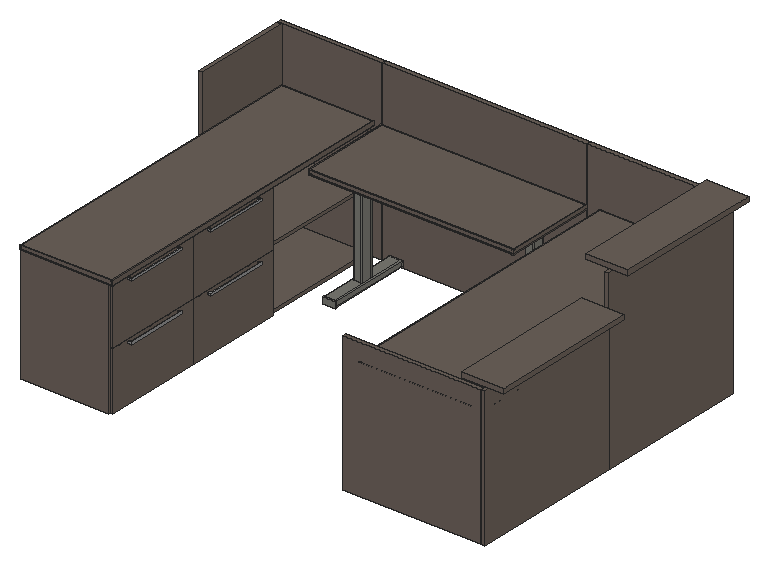
Revit family "OFS TYPICAL T200036", category Furniture, Revit 2022
Family settings
  OmniClass Number = 23.40.20.00
  OmniClass Title = General Furniture and Specialties
  Work Plane-Based = No
  Always vertical = Yes
  Cut with Voids When Loaded = No
  Render Appearance Source = Family Geometry
  Shared = No
  Room Calculation Point = No
Parameters (values of type "T200036")
  URL = "http://ofs.com/"
  Model = "T200036"
  Manufacturer = "OFS"
  Description = "OFS TYPICAL T200036"
  Default Elevation = 0' - 0"
  Copyright © = "©OFS 2024"
  Catalog = ""
  Authoring Version = "Autodesk Revit 2018"
  Assembly Code = "E2020200"
Reference planes (in)
  plane 1 "Center Front/Back": y = 0
  plane 2: z = 0
  plane 3 "Center Left/Right": x = 0
Dimensions and locks (in)
  aligned and locked: level to plane 2
Nested families (in)
  nested 1: "STAKS SUPPORT BASE - PANEL - WALL PANEL" at (55.87465, -44, 0) x (0, -1, 0) z (0, 0, 1), type "STAKS SUPPORT WALL PANEL 28 X 12"
  nested 2: "STAKS BENCHING RECTANGULAR WORKSURFACES" at (-32.05498, 0.83365, 0), type "STAKS BENCHING RECTANGULAR WORKSURFACE 49 X 22"
    with SURFACE WIDTH 4' - 1"
  nested 3: "STAKS BENCHING RECTANGULAR WORKSURFACES" at (25.66635, -80.55498, 0) x (0, 1, 0) z (0, 0, 1), type "STAKS BENCHING RECTANGULAR WORKSURFACE 72 X 30"
  nested 4: "STAKS BENCHING RECTANGULAR WORKSURFACES" at (-50.33365, -86.55498, 0) x (0, 1, 0) z (0, 0, 1), type "STAKS BENCHING RECTANGULAR WORKSURFACE 78 X 22"
  nested 5: "STAKS WORKSURFACE HEIGHT PEDESTAL - BOX-BOX-FILE - NO RISER SUPPORT" at (34.87465, -44.21039, 0) x (0, -1, 0) z (0, 0, 1), type "STAKS WORKSURFACE HEIGHT PEDESTAL - BOX-BOX-FILE - NO RISER SUPPORT 27in D"
  nested 6: "STAKS WORKSURFACE HEIGHT PEDESTAL WIDE - FILE-FILE - NO RISER SUPPORT" at (-28.49965, -87.85211, 0) x (0, 1, 0) z (0, 0, 1), type "STAKS WORKSURFACE HEIGHT PEDESTAL WIDE - OPEN-BOX-FILE - NO RISER SUPPORT 24 x 22"
  nested 7: "STAKS WORKSURFACE HEIGHT OPEN SHELF PEDESTAL - NO RISER SUPPORT" at (-28.49965, -36.97811, 0) x (0, 1, 0) z (0, 0, 1), type "STAKS WORKSURFACE HEIGHT OPEN SHELF PEDESTAL - NO RISER SUPPORT 30 x 22"
  nested 8: "STAKS SPINE OR DIVIDER WALL 33in" at (16.94502, -71.16635, 0), type "STAKS SPINE OR DIVIDER WALL 33in X 33in"
    with Height Above Floor 2' - 9"
  nested 9: "STAKS SPINE OR DIVIDER WALL 33in" at (55.66635, -81.55498, 0) x (0, 1, 0) z (0, 0, 1), type "STAKS SPINE OR DIVIDER WALL 33in X 37in"
    with Height Above Floor 2' - 9"
  nested 10: "STAKS SPINE OR DIVIDER WALL 42in" at (-51.33365, -32.05498, 0) x (0, 1, 0) z (0, 0, 1), type "STAKS SPINE OR DIVIDER WALL 42in X 23.5"
    with Height Above Floor 3' - 6", Width 1' - 11 1/2"
  nested 11: "STAKS SPINE OR DIVIDER WALL 42in" at (-57.05498, 1.83365, 0), type "STAKS SPINE OR DIVIDER WALL 42in X 25"
    with Height Above Floor 3' - 6", Width 2' - 1"
  nested 12: "STAKS SPINE OR DIVIDER WALL 42in" at (16.94502, 1.83365, 0), type "STAKS SPINE OR DIVIDER WALL 42in X 33in"
    with Height Above Floor 3' - 6"
  nested 13: "STAKS SPINE OR DIVIDER WALL 42in" at (60.33365, 7.55498, 0) x (0, -1, 0) z (0, 0, 1), type "STAKS SPINE OR DIVIDER WALL 42in X 37in"
    with Height Above Floor 3' - 6"
  nested 14: "STAKS SPINE OR DIVIDER WALL 42in" at (32.05498, -2.83365, 0) x (-1, 0, 0) z (0, 0, 1), type "STAKS SPINE OR DIVIDER WALL 42in X 49"
    with Height Above Floor 3' - 6", Width 4' - 1"
  nested 15: "STAKS TRANSACTION SHELF" at (55.75035, -2.33575, -4.625) x (0, 1, 0) z (0, 0, 1), type "STAKS TRANSACTION SHELF 36in"
  nested 16: "STAKS BENCHING CANTILEVER WORKSURFACE BRACKET - MINI CONCEALED" at (49.25, -3.87535, 0), type "STAKS CANTILEVER WORKSURFACE BRACKET - MINI CONCEALED"
  nested 17: "STAKS WORKSURFACE HEIGHT PEDESTAL WIDE - FILE-FILE - NO RISER SUPPORT" at (-28.49965, -22.02389, 0) x (0, -1, 0) z (0, 0, 1), type "STAKS WORKSURFACE HEIGHT PEDESTAL WIDE - OPEN-BOX-FILE - NO RISER SUPPORT 24 x 22"
  nested 18: "STAKS BENCHING CANTILEVER WORKSURFACE BRACKET - OPEN" at (54.62465, -64.25, 0) x (0, -1, 0) z (0, 0, 1), type "CANTILEVER WORKSURFACE BRACKET - OPEN 30in"
  nested 19: "temp:STAKS BENCHING PRESS FIT BRACKET" at (74.5, -10.87535, 15), type "STAKS BENCHING PRESS FIT BRACKET"
  nested 20: "temp:STAKS BENCHING PRESS FIT BRACKET" at (74.5, -31.87535, 15), type "STAKS BENCHING PRESS FIT BRACKET"
  nested 21: "temp:STAKS BENCHING PRESS FIT BRACKET" at (74.5, -42.12465, 6), type "STAKS BENCHING PRESS FIT BRACKET"
  nested 22: "temp:STAKS BENCHING PRESS FIT BRACKET" at (74.5, -63.62465, 6), type "STAKS BENCHING PRESS FIT BRACKET"
  nested 23: "STAKS TRANSACTION SHELF" at (55.75035, -72.492, -13.625) x (0, -1, 0) z (0, 0, 1), type "STAKS TRANSACTION SHELF 36in"
  nested 24: "STAKS BENCHING CANTILEVER WORKSURFACE BRACKET - OPEN" at (54.62465, 6.25, 0) x (0, 1, 0) z (0, 0, 1), type "CANTILEVER WORKSURFACE BRACKET - OPEN 30in"
  nested 25: "STAKS CENTER ELECTRIC ADJUSTABLE HEIGHT BASE Rectangular" at (-4, -9.12535, 0), type "STAKS CENTER ELECTRIC ADJUSTABLE HEIGHT BASE 24in Rectangular"
    with Height 2' - 3 7/8"
  nested 26: "STAKS CENTER ELECTRIC ADJUSTABLE HEIGHT BASE Rectangular" at (4, -9.12535, 0) x (-1, 0, 0) z (0, 0, 1), type "STAKS CENTER ELECTRIC ADJUSTABLE HEIGHT BASE 24in Rectangular"
    with Height 2' - 3 7/8"
Definition of nested family "STAKS SUPPORT BASE - PANEL - WALL PANEL"
  Parameters (values of type "STAKS SUPPORT BASE 21 X 12")
    Width [instance] = 1' - 0"
    WALL SUPPORT = no
    URL = "http://www.ofs.com"
    SUPPORT PANEL = no
    SUPPORT BASE = yes
    Model = "6-2112SB"
    Manufacturer = "OFS"
    Height = 1' - 9 7/8"
    Description = "OFS STAKS SUPPORT BASE 21 X12, Base Supports 22\"D Worksurfaces"
    Depth = 1' - 0"
    Default Elevation = 0' - 0"
    Copyright © = "©OFS 2018"
    Catalog = "https://ofs.com/products/casegoods/private-office/staks"
    Authoring Version = "Autodesk Revit Architecture 2013"
    Assembly Code = "E2020200"
  Types (7): name | WALL SUPPORT | SUPPORT PANEL | SUPPORT BASE | Model | Height | Description | Depth
    STAKS SUPPORT PANEL 28 X 12 | no | yes | no | "6-2812SP" | 2' - 3 7/8" | "OFS STAKS SUPPORT PANEL 28 X 12, End Panel Supports 22\"D Worksurfaces" | 1' - 0"
    STAKS SUPPORT BASE 28 X 12 | no | no | yes | "6-2812SB" | 2' - 3 7/8" | "OFS STAKS SUPPORT BASE 28 X12, Base Supports 22\"D Worksurfaces" | 1' - 0"
    STAKS SUPPORT WALL PANEL 28 X 12 | yes | no | no | "6-2812SWPS" | 2' - 3 3/8" | "OFS STAKS SUPPORT WALL PANEL 28 X12, Provides Support for Worksurface in Conjunction with Cantilevers and Stabilizes Wall Panels" | 1' - 0"
    STAKS SUPPORT BASE 21 X 12 | no | no | yes | "6-2112SB" | 1' - 9 7/8" | "OFS STAKS SUPPORT BASE 21 X12, Base Supports 22\"D Worksurfaces" | 1' - 0"
    STAKS SUPPORT BASE 28 X 18 | no | no | yes | "6-2818SB" | 2' - 3 7/8" | "OFS STAKS SUPPORT BASE 28 X18, Base Supports 30\"D Worksurfaces" | 1' - 6"
    STAKS SUPPORT PANEL 21 X 12 | no | yes | no | "6-2112SP" | 1' - 9 7/8" | "OFS STAKS SUPPORT PANEL 21 X 12, End Panel Supports 22\"D Worksurfaces" | 1' - 0"
    STAKS SUPPORT PANEL 28 X 18 | no | yes | no | "6-2818SP" | 2' - 3 7/8" | "OFS STAKS SUPPORT PANEL 28 X 18, End Panel Supports 30\"D Worksurfaces" | 1' - 6"
  Reference planes (in)
    plane 1: z = 0
    plane 2 "Left": x = -12
    plane 3 "Back": y = 1.62535
    plane 4 "PANELL TOP": z = 21.875
    plane 5 "RIGHT": x = -11
    plane 6: y = -10.37465
    plane 7: y = 0.62535
    plane 8: x = -5.5
    plane 9: x = -17.5
  Forms (in)
    Extrusion 1, solid, visible <- "SUPPORT PANEL"
      sketch origin (-7.62535, -10.37465, -0.18015) x (1, 0, 0) y (0, 0, 1)
        loop
          line (-4.37465, 22.05515) -> (-4.37465, 0.18015) -> (-3.37465, 0.18015) -> (-3.37465, 22.05515) -> (-4.37465, 22.05515)
      from -12 to 0
    Extrusion 2, solid, visible <- "SUPPORT BASE"
      sketch origin (-5.5, 5, -0.18015) x (0, 1, 0) y (0, 0, 1)
        loop
          line (-4.37465, 22.05515) -> (-4.37465, 0.18015) -> (-3.37465, 0.18015) -> (-3.37465, 22.05515) -> (-4.37465, 22.05515)
      from -12 to 0
    Extrusion 3, solid, visible <- "SUPPORT BASE"
      sketch origin (3.37465, -10.37465, -0.18015) x (1, 0, 0) y (0, 0, 1)
        loop
          line (-15.37465, 22.05515) -> (-15.37465, 0.18015) -> (-14.37465, 0.18015) -> (-14.37465, 22.05515) -> (-15.37465, 22.05515)
      from -11 to 0
    Extrusion 4, solid, visible <- "WALL SUPPORT"
      sketch origin (-12, 0, 0) x (0, 1, 0) y (0, 0, 1)
        loop
          line (1.62535, 0) -> (1.62535, 20.375) -> (0.12535, 21.875) -> (-0.37465, 21.875) -> (-0.37465, 19.285) -> (-3.43765, 19.285) -> (-3.43765, 21.875) -> (-10.37465, 21.875) -> (-4.43765, 0) -> (1.62535, 0)
      from 0 to 1
  Lines and regions (in)
    Masking region 1, visible <- "SUPPORT PANEL"
      outline origin (-12.62535, -10.37465, 0) x (0, -1, 0) y (1, 0, 0)
        loop
          line (-12, 1.62535) -> (-12, 0.62535) -> (0, 0.62535) -> (0, 1.62535) -> (-12, 1.62535)
    Masking region 2, visible <- "SUPPORT BASE"
      outline origin (-5.5, 0, 0) x (1, 0, 0) y (0, 1, 0)
        loop
          line (-12, 1.62535) -> (-12, 0.62535) -> (0, 0.62535) -> (0, 1.62535) -> (-12, 1.62535)
    Masking region 3, visible <- "SUPPORT BASE"
      outline origin (-1.62535, -10.37465, 0) x (0, -1, 0) y (1, 0, 0)
        loop
          line (-11, -9.37465) -> (-11, -10.37465) -> (0, -10.37465) -> (0, -9.37465) -> (-11, -9.37465)
    Masking region 4, visible <- "WALL SUPPORT"
      outline origin (0, 0, 0) x (1, 0, 0) y (0, 1, 0)
        loop
          line (-11, 1.62535) -> (-12, 1.62535) -> (-12, -10.37465) -> (-11, -10.37465) -> (-11, 1.62535)
  Dimensions and locks (in)
    "Height": plane 4 "PANELL TOP" to plane 1
    locked: plane 2 "Left" to plane 5 "RIGHT" at 1
    "Depth": plane 6 to plane 3 "Back"
    locked: plane 7 to plane 3 "Back" at 1
    locked: plane 9 to plane 2 "Left" at 5.5
    locked: plane 5 "RIGHT" to plane 8 at 5.5
    "Width": plane 9 to plane 8
    aligned: Extrusion 1 to plane 2 "Left"
    aligned: Extrusion 1 to plane 1
    aligned and locked: level to plane 1
    aligned: Extrusion 1 to plane 4 "PANELL TOP"
    aligned: Extrusion 1 to plane 3 "Back"
    aligned and locked: plane 6 to Extrusion 1
    aligned and locked: plane 6 to Masking region 1
    aligned and locked: Extrusion 3 to plane 7
    aligned and locked: Masking region 3 to plane 7
    aligned and locked: plane 6 to Extrusion 3
    aligned and locked: plane 6 to Masking region 3
    aligned and locked: Extrusion 1 to plane 6  (x2)
    aligned and locked: plane 7 to Extrusion 2
    aligned and locked: plane 7 to Masking region 2
    aligned and locked: Masking region 2 to plane 3 "Back"
    aligned and locked: Extrusion 2 to plane 3 "Back"
    aligned and locked: Extrusion 1 to plane 3 "Back"
    aligned and locked: Masking region 1 to plane 3 "Back"
    aligned and locked: Extrusion 1 to plane 2 "Left"
    aligned and locked: plane 5 "RIGHT" to Extrusion 1
    aligned and locked: plane 8 to Masking region 2
    aligned and locked: plane 8 to Extrusion 2
    aligned and locked: Extrusion 2 to plane 9
    aligned and locked: Masking region 2 to plane 9
    aligned and locked: Extrusion 3 to plane 2 "Left"
    aligned and locked: plane 5 "RIGHT" to Extrusion 3
    aligned and locked: Masking region 3 to plane 2 "Left"
    aligned and locked: plane 5 "RIGHT" to Masking region 3
    aligned and locked: Extrusion 3 to plane 4 "PANELL TOP"
    aligned and locked: Extrusion 1 to plane 4 "PANELL TOP"
    aligned and locked: plane 4 "PANELL TOP" to Extrusion 2
    aligned and locked: plane 4 "PANELL TOP" to Extrusion 4 sketch curve
    aligned and locked: Extrusion 4 sketch curve to plane 4 "PANELL TOP"
    aligned and locked: Extrusion 4 sketch curve to plane 3 "Back"
    aligned and locked: Extrusion 4 sketch curve to plane 1
    aligned and locked: Extrusion 4 to plane 2 "Left"
    aligned and locked: plane 5 "RIGHT" to Extrusion 4
  Automatic sketch dimensions
    Extrusion 1 sketch curve to plane 2 "Left" = 0' - 0"
    Extrusion 1 sketch curve to level = 0' - 0"
    Extrusion 1 sketch curve to plane 5 "RIGHT" = 0' - 0"
    Extrusion 1 sketch curve to plane 4 "PANELL TOP" = 0' - 0"
    Masking region 1 sketch curve to plane 2 "Left" = 0' - 0"
    plane 3 "Back" to Masking region 1 sketch curve = 0' - 0"
    Masking region 1 sketch curve to plane 5 "RIGHT" = 0' - 0"
    plane 6 to Masking region 1 sketch curve = 0' - 0"
    Extrusion 2 sketch curve to plane 4 "PANELL TOP" = 0' - 0"
    Extrusion 2 sketch curve to plane 7 = 0' - 0"
    Extrusion 2 sketch curve to level = 0' - 0"
    Extrusion 2 sketch curve to plane 3 "Back" = 0' - 0"
    plane 7 to Masking region 2 sketch curve = 0' - 0"
    Masking region 2 sketch curve to plane 9 = 0' - 0"
    plane 3 "Back" to Masking region 2 sketch curve = 0' - 0"
    Masking region 2 sketch curve to plane 8 = 0' - 0"
    Extrusion 3 sketch curve to plane 2 "Left" = 0' - 0"
    Extrusion 3 sketch curve to level = 0' - 0"
    Extrusion 3 sketch curve to plane 5 "RIGHT" = 0' - 0"
    Extrusion 3 sketch curve to plane 4 "PANELL TOP" = 0' - 0"
    Masking region 3 sketch curve to plane 2 "Left" = 0' - 0"
    plane 7 to Masking region 3 sketch curve = 0' - 0"
    Masking region 3 sketch curve to plane 5 "RIGHT" = 0' - 0"
    plane 6 to Masking region 3 sketch curve = 0' - 0"
    Extrusion 4 sketch curve to plane 6 = 0' - 0"
    plane 7 to Extrusion 4 sketch curve = 0' - 1"
    Extrusion 4 sketch curve to plane 4 "PANELL TOP" = 0' - 2.59"
    plane 7 to Extrusion 4 sketch curve = 0' - 5.063"
    Extrusion 4 sketch curve to Extrusion 4 sketch curve = 0' - 3.063"
    Extrusion 4 sketch curve to Extrusion 4 sketch curve = 0' - 0 1/2"
    Extrusion 4 sketch curve to plane 4 "PANELL TOP" = 0' - 1 1/2"
    Masking region 4 sketch curve to plane 2 "Left" = 0' - 0"
    Masking region 4 sketch curve to plane 5 "RIGHT" = 0' - 0"
    plane 6 to Masking region 4 sketch curve = 0' - 0"
    plane 3 "Back" to Masking region 4 sketch curve = 0' - 0"
Definition of nested family "STAKS BENCHING RECTANGULAR WORKSURFACES"
  Parameters (values of type "STAKS BENCHING RECTANGULAR WORKSURFACE 48 X 22")
    URL = "https://www.ofs.com/"
    SURFACE DEPTH = 1' - 10"
    Model = "6-MCT-48/22"
    Manufacturer = "OFS"
    Description = "OFS STAKS BENCHING 48 X 22 RECTANGULAR WORKSURFACE"
    SURFACE WIDTH = 4' - 0"
    Default Elevation = 0' - 0"
    Copyright © = "© 2018 OFS"
    Catalog = "https://ofs.com/products/open-plan/benching/staks"
    Authoring Version = "Autodesk Revit Architecture 2013"
    Assembly Code = "E2020200"
  Types (21): name | SURFACE DEPTH | Model | Description | SURFACE WIDTH
    STAKS BENCHING RECTANGULAR WORKSURFACE 48 X 22 | 1' - 10" | "6-MCT-48/22" | "OFS STAKS BENCHING 48 X 22 RECTANGULAR WORKSURFACE" | 4' - 0"
    STAKS BENCHING RECTANGULAR WORKSURFACE 60 X 22 | 1' - 10" | "6-MCT-60/22" | "OFS STAKS BENCHING 60 X 22 RECTANGULAR WORKSURFACE" | 5' - 0"
    STAKS BENCHING RECTANGULAR WORKSURFACE 72 X 22 | 1' - 10" | "6-MCT-72/22" | "OFS STAKS BENCHING 72 X 22 RECTANGULAR WORKSURFACE" | 6' - 0"
    STAKS BENCHING RECTANGULAR WORKSURFACE 60 X 36 | 3' - 0" | "6-MCT-60/36" | "OFS STAKS BENCHING 60 X 36 RECTANGULAR WORKSURFACE" | 5' - 0"
    STAKS BENCHING RECTANGULAR WORKSURFACE 72 X 36 | 3' - 0" | "6-MCT-72/36" | "OFS STAKS BENCHING 72 X 36 RECTANGULAR WORKSURFACE" | 6' - 0"
    STAKS BENCHING RECTANGULAR WORKSURFACE 60 X 30 | 2' - 6" | "6-MCT-60/30" | "OFS STAKS BENCHING 60 X 30 RECTANGULAR WORKSURFACE" | 5' - 0"
    STAKS BENCHING RECTANGULAR WORKSURFACE 72 X 30 | 2' - 6" | "6-MCT-72/30" | "OFS STAKS BENCHING 72 X 30 RECTANGULAR WORKSURFACE" | 6' - 0"
    STAKS BENCHING RECTANGULAR WORKSURFACE 48 X 30 | 2' - 6" | "6-MCT-48/30" | "OFS STAKS BENCHING 48 X 30 RECTANGULAR WORKSURFACE" | 4' - 0"
    STAKS BENCHING RECTANGULAR WORKSURFACE 48 X 36 | 3' - 0" | "6-MCT-48/36" | "OFS STAKS BENCHING 48 X 36 RECTANGULAR WORKSURFACE" | 4' - 0"
    STAKS BENCHING RECTANGULAR WORKSURFACE 54 X 22 | 1' - 10" | "6-MCT-54/22" | "OFS STAKS BENCHING 54 X 22 RECTANGULAR WORKSURFACE" | 4' - 6"
    STAKS BENCHING RECTANGULAR WORKSURFACE 66 X 22 | 1' - 10" | "6-MCT-66/22" | "OFS STAKS BENCHING 66 X 22 RECTANGULAR WORKSURFACE" | 5' - 6"
    STAKS BENCHING RECTANGULAR WORKSURFACE 78 X 22 | 1' - 10" | "6-MCT-78/22" | "OFS STAKS BENCHING 78 X 22 RECTANGULAR WORKSURFACE" | 6' - 6"
    STAKS BENCHING RECTANGULAR WORKSURFACE 84 X 22 | 1' - 10" | "6-MCT-84/22" | "OFS STAKS BENCHING 84 X 22 RECTANGULAR WORKSURFACE" | 7' - 0"
    STAKS BENCHING RECTANGULAR WORKSURFACE 54 X 30 | 2' - 6" | "6-MCT-54/30" | "OFS STAKS BENCHING 54 X 30 RECTANGULAR WORKSURFACE" | 4' - 6"
    STAKS BENCHING RECTANGULAR WORKSURFACE 66 X 30 | 2' - 6" | "6-MCT-66/30" | "OFS STAKS BENCHING 66 X 30 RECTANGULAR WORKSURFACE" | 5' - 6"
    STAKS BENCHING RECTANGULAR WORKSURFACE 78 X 30 | 2' - 6" | "6-MCT-78/30" | "OFS STAKS BENCHING 78 X 30 RECTANGULAR WORKSURFACE" | 6' - 6"
    STAKS BENCHING RECTANGULAR WORKSURFACE 84 X 30 | 2' - 6" | "6-MCT-84/30" | "OFS STAKS BENCHING 84 X 30 RECTANGULAR WORKSURFACE" | 7' - 0"
    STAKS BENCHING RECTANGULAR WORKSURFACE 54 X 36 | 3' - 0" | "6-MCT-54/36" | "OFS STAKS BENCHING 54 X 36 RECTANGULAR WORKSURFACE" | 4' - 6"
    STAKS BENCHING RECTANGULAR WORKSURFACE 66 X 36 | 3' - 0" | "6-MCT-66/36" | "OFS STAKS BENCHING 66 X 36 RECTANGULAR WORKSURFACE" | 5' - 6"
    STAKS BENCHING RECTANGULAR WORKSURFACE 78 X 36 | 3' - 0" | "6-MCT-78/36" | "OFS STAKS BENCHING 78 X 36 RECTANGULAR WORKSURFACE" | 6' - 6"
    STAKS BENCHING RECTANGULAR WORKSURFACE 84 X 36 | 3' - 0" | "6-MCT-84/36" | "OFS STAKS BENCHING 84 X 36 RECTANGULAR WORKSURFACE" | 6' - 6"
  Reference planes (in)
    plane 1: z = -0.125
    plane 2 "LEFT": x = 7.55498
    plane 3 "RIGHT": x = 55.55498
    plane 4 "BACK": y = -1.83365
    plane 5 "FRONT": y = -23.83365
    plane 6: x = 7.67998
    plane 7: x = 55.42998
    plane 8: y = -1.95865
    plane 9: y = -23.70865
    plane 10: z = 27.75
    plane 11 "SURFACE TOP": z = 28.875
  Forms (in)
    Extrusion 1, solid
      sketch origin (0, 0, 17.125) x (-1, 0, 0) y (0, -1, 0)
        loop
          line (-7.67998, 1.95865) -> (-7.67998, 23.70865) -> (-55.42998, 23.70865) -> (-55.42998, 1.95865) -> (-7.67998, 1.95865)
      from 11.75 to 10.625
    Sweep 2, solid
      path origin (0, 0, 28.875) x (0, 1, 0) y (-1, 0, 0)
        loop
          line (-23.83365, -7.55498) -> (-23.83365, -55.55498) -> (-1.83365, -55.55498) -> (-1.83365, -7.55498) -> (-23.83365, -7.55498)
      profile origin (31.55498, -23.83365, 28.875) x (0, 1, 0) y (0, 0, 1)
        loop
          arc (0.125, 0) -> (0.03661, -0.03661) -> (0, -0.125) r 0.125
          line (0, -0.125) -> (0, -1)
          arc (0, -1) -> (0.03661, -1.08839) -> (0.125, -1.125) r 0.125
          line (0.125, -1.125) -> (0.125, 0)
  Lines and regions (in)
    Masking region 1
      outline origin (0, 0, 16.625) x (-1, 0, 0) y (0, -1, 0)
        loop
          line (-7.67998, 1.95865) -> (-7.55498, 1.83365) -> (-7.55498, 23.83365) -> (-7.67998, 23.70865) -> (-7.67998, 1.95865)
    Masking region 2
      outline origin (0, 0, 16.625) x (-1, 0, 0) y (0, -1, 0)
        loop
          line (-7.55498, 1.83365) -> (-7.67998, 1.95865) -> (-55.42998, 1.95865) -> (-55.55498, 1.83365) -> (-7.55498, 1.83365)
    Masking region 3
      outline origin (0, 0, 16.625) x (-1, 0, 0) y (0, -1, 0)
        loop
          line (-55.55498, 1.83365) -> (-55.42998, 1.95865) -> (-55.42998, 23.70865) -> (-55.55498, 23.83365) -> (-55.55498, 1.83365)
    Masking region 4
      outline origin (0, 0, 16.625) x (-1, 0, 0) y (0, -1, 0)
        loop
          line (-55.55498, 23.83365) -> (-55.42998, 23.70865) -> (-7.67998, 23.70865) -> (-7.55498, 23.83365) -> (-55.55498, 23.83365)
    Masking region 5
      outline origin (0, 0, 16.625) x (-1, 0, 0) y (0, -1, 0)
        loop
          line (-55.42998, 23.70865) -> (-55.42998, 1.95865) -> (-7.67998, 1.95865) -> (-7.67998, 23.70865) -> (-55.42998, 23.70865)
  Dimensions and locks (in)
    "SURFACE DEPTH": plane 4 "BACK" to plane 5 "FRONT"
    "SURFACE WIDTH": plane 2 "LEFT" to plane 3 "RIGHT"
    locked: plane 11 "SURFACE TOP" to plane 10 at 1.125
    locked: plane 4 "BACK" to plane 8 at 0.125
    locked: plane 2 "LEFT" to plane 6 at 0.125
    locked: plane 7 to plane 3 "RIGHT" at 0.125
    locked: plane 9 to plane 5 "FRONT" at 0.125
    aligned: level to plane 1
    aligned and locked: plane 8 to Extrusion 1 sketch curve
    aligned and locked: Extrusion 1 sketch curve to plane 6
    aligned and locked: Extrusion 1 sketch curve to plane 9
    aligned and locked: plane 7 to Extrusion 1 sketch curve
    aligned and locked: plane 11 "SURFACE TOP" to Extrusion 1
    aligned and locked: Extrusion 1 to plane 10
    aligned and locked: Sweep 2 sketch curve to plane 5 "FRONT"
    aligned and locked: Sweep 2 sketch curve to plane 2 "LEFT"
    aligned and locked: plane 4 "BACK" to Sweep 2 sketch curve
    aligned and locked: plane 3 "RIGHT" to Sweep 2 sketch curve
  Automatic sketch dimensions
    Masking region 1 sketch curve to plane 6 = 0' - 0"
    Masking region 1 sketch curve to plane 2 "LEFT" = 0' - 0"
    Masking region 1 sketch curve to plane 4 "BACK" = 0' - 0"
    Masking region 1 sketch curve to plane 8 = 0' - 0"
    Masking region 1 sketch curve to plane 9 = 0' - 0"
    Masking region 1 sketch curve to plane 5 "FRONT" = 0' - 0"
    Masking region 2 sketch curve to plane 3 "RIGHT" = 0' - 0"
    Masking region 2 sketch curve to plane 7 = 0' - 0"
    Masking region 2 sketch curve to plane 6 = 0' - 0"
    Masking region 2 sketch curve to plane 2 "LEFT" = 0' - 0"
    Masking region 2 sketch curve to plane 4 "BACK" = 0' - 0"
    Masking region 2 sketch curve to plane 8 = 0' - 0"
    Masking region 3 sketch curve to plane 3 "RIGHT" = 0' - 0"
    Masking region 3 sketch curve to plane 7 = 0' - 0"
    Masking region 3 sketch curve to plane 4 "BACK" = 0' - 0"
    Masking region 3 sketch curve to plane 8 = 0' - 0"
    Masking region 3 sketch curve to plane 9 = 0' - 0"
    Masking region 3 sketch curve to plane 5 "FRONT" = 0' - 0"
    Masking region 4 sketch curve to plane 3 "RIGHT" = 0' - 0"
    Masking region 4 sketch curve to plane 7 = 0' - 0"
    Masking region 4 sketch curve to plane 6 = 0' - 0"
    Masking region 4 sketch curve to plane 2 "LEFT" = 0' - 0"
    Masking region 4 sketch curve to plane 9 = 0' - 0"
    Masking region 4 sketch curve to plane 5 "FRONT" = 0' - 0"
    Masking region 5 sketch curve to plane 7 = 0' - 0"
    Masking region 5 sketch curve to plane 6 = 0' - 0"
    Masking region 5 sketch curve to plane 8 = 0' - 0"
    Masking region 5 sketch curve to plane 9 = 0' - 0"
    Sweep 2 sketch curve to profile plane = 0' - 0"
    Sweep 2 sketch curve to plane 11 "SURFACE TOP" = 0' - 0"
    Sweep 2 sketch curve to profile plane = 0' - 0 1/8"
    Sweep 2 sketch curve to Sweep 2 sketch curve = 0' - 0 7/8"
Definition of nested family "STAKS WORKSURFACE HEIGHT PEDESTAL - BOX-BOX-FILE - NO RISER SUPPORT"
  Parameters (values of type "STAKS WORKSURFACE HEIGHT PEDESTAL - BOX-BOX-FILE - NO RISER SUPPORT 19in D")
    URL = "http://www.ofs.com/"
    Riser Support = 0' - 0"
    Model = "6-NW1619MPD1"
    Manufacturer = "OFS"
    Height = 2' - 3 7/8"
    Drawer Material = none
    Drawer Handle Width = 0' - 5 7/16"
    Drawer Handle Material = none
    Description = "OFS STAKS WORKSURFACE HEIGHT PEDESTAL - BOX-BOX-FILE - NO RISER SUPPORT 19\" D, Two Box Drawers, Use with 22\"D Worksurfaces"
    Width = 1' - 3 5/8"
    Depth = 1' - 7 3/8"
    Default Elevation = 0' - 0"
    DH2 = 0' - 6 1/2"
    DH1 = 1' - 2 3/8"
    Copyright © = "© 2018 OFS"
    Chasis Material = none
    Catalog = "https://ofs.com/products/casegoods/private-office/staks"
    Board Thickness = 0' - 0 3/4"
    Authoring Version = "Autodesk Revit Architecture 2013"
    Assembly Code = "E2020200"
  Types (6): name | Model | Description | Depth
    STAKS WORKSURFACE HEIGHT PEDESTAL - BOX-BOX-FILE - NO RISER SUPPORT 19in D | "6-NW1619MPD1" | "OFS STAKS WORKSURFACE HEIGHT PEDESTAL - BOX-BOX-FILE - NO RISER SUPPORT 19\" D, Two Box Drawers, Use with 22\"D Worksurfaces" | 1' - 7 3/8"
    STAKS WORKSURFACE HEIGHT PEDESTAL - BOX-BOX-FILE - NO RISER SUPPORT 22in D | "6-NW1622MPD1" | "OFS STAKS WORKSURFACE HEIGHT PEDESTAL - BOX-BOX-FILE - NO RISER SUPPORT 22\" D, Two Box Drawers, Use with 22\"D Worksurfaces" | 1' - 9 7/8"
    STAKS WORKSURFACE HEIGHT PEDESTAL - BOX-BOX-FILE - NO RISER SUPPORT 27in D | "6-NW1627MPD1" | "OFS STAKS WORKSURFACE HEIGHT PEDESTAL - BOX-BOX-FILE - NO RISER SUPPORT 27\" D, Two Box Drawers, Use with 30\"D Worksurfaces" | 2' - 3 3/8"
    STAKS WORKSURFACE HEIGHT PEDESTAL - BOX-BOX-FILE - NO RISER SUPPORT 30in D | "6-NW1630MPD1" | "OFS STAKS WORKSURFACE HEIGHT PEDESTAL - BOX-BOX-FILE - NO RISER SUPPORT 30\" D, Two Box Drawers, Use with 30\"D Worksurfaces" | 2' - 5 7/8"
    STAKS WORKSURFACE HEIGHT PEDESTAL - BOX-BOX-FILE - NO RISER SUPPORT 33in D | "6-NW1633MPD1" | "OFS STAKS WORKSURFACE HEIGHT PEDESTAL - BOX-BOX-FILE - NO RISER SUPPORT 33\" D, Two Box Drawers, Use with 36\"D Worksurfaces" | 2' - 9 3/8"
    STAKS WORKSURFACE HEIGHT PEDESTAL - BOX-BOX-FILE - NO RISER SUPPORT 36in D | "6-NW1636MPD1" | "OFS STAKS WORKSURFACE HEIGHT PEDESTAL - BOX-BOX-FILE - NO RISER SUPPORT 36\" D, Two Box Drawers, Use with 36\"D Worksurfaces" | 2' - 11 7/8"
  Reference planes (in)
    plane 1: z = 0
    plane 2 "Right": x = 20.97711
    plane 3: z = 27.875
    plane 4: z = 14.375
    plane 5: z = 14.25
    plane 6: z = 0
    plane 7: z = 14
    plane 8: z = 27.625
    plane 9: z = 13.531
    plane 10: z = 27.15625
    plane 11: x = 13.16461
    plane 12: y = 1.37535
    plane 13: y = 0.62535
    plane 14: x = 13.22711
    plane 15: x = 28.72661
    plane 16: x = 13.91461
    plane 17: y = 20.00035
    plane 18: x = 28.78961
    plane 19: x = 28.03961
    plane 20: x = 18.25836
    plane 21: x = 18.63336
    plane 22: x = 23.69586
    plane 23: x = 23.32086
    plane 24: y = -0.18715
    plane 25: y = -0.37465
    plane 26: z = 20.875
    plane 27: z = 20.75
    plane 28: z = 20.5
    plane 29: z = 20.031
    plane 30: z = 0.25
    plane 31: y = 19.25035
    plane 32: z = 0.75
    plane 33: y = 16.75035
    plane 34: y = 4.37535
    plane 35: y = 8.37535
    plane 36: y = 12.75035
    plane 37: y = 5.00035
    plane 38: y = 13.37535
    plane 39: z = 28
  Forms (in)
    Extrusion 1, solid, material <- "Drawer Material"
      sketch origin (20.35211, 5, -13.1802) x (0, 1, 0) y (0, 0, 1)
        loop
          line (-4.37465, 27.4302) -> (-4.37465, 13.4302) -> (-3.62465, 13.4302) -> (-3.62465, 27.4302) -> (-4.37465, 27.4302)
      from -7.125 to 8.3745
    Extrusion 2, solid, material <- "Drawer Material"
      sketch origin (20.35211, 2.25, -7.68015) x (0, 1, 0) y (0, 0, 1)
        loop
          line (-1.62465, 28.43015) -> (-1.62465, 22.05515) -> (-0.87465, 22.05515) -> (-0.87465, 28.43015) -> (-1.62465, 28.43015)
      from -7.125 to 8.3745
    Extrusion 3, solid, material <- "Chasis Material"
      sketch origin (-3, -1.24965, 0) x (1, 0, 0) y (0, 0, 1)
        loop
          line (16.16461, 0) -> (16.91461, 0) -> (16.91461, 27.875) -> (16.16461, 27.875) -> (16.16461, 0)
      from -21.25 to -2.625
    Extrusion 4, solid, material <- "Chasis Material"
      sketch origin (19.35211, 31.02324, 0) x (0, 1, 0) y (0, 0, 1)
        loop
          line (-11.77289, 0) -> (-11.02289, 0) -> (-11.02289, 27.875) -> (-11.77289, 27.875) -> (-11.77289, 0)
      from -5.4375 to 8.6875
    Extrusion 5, solid, material <- "Drawer Handle Material"
      sketch origin (9, 0, 9.60933) x (1, 0, 0) y (0, 1, 0)
        loop
          line (9.25836, 0.62535) -> (9.25836, -0.37465) -> (14.69586, -0.37465) -> (14.69586, 0.62535) -> (14.32086, 0.62535) -> (14.32086, -0.18715) -> (9.63336, -0.18715) -> (9.63336, 0.62535) -> (9.25836, 0.62535)
      from 3.92167 to 4.39067
    Extrusion 6, solid, material <- "Drawer Handle Material"
      sketch origin (9, 0, 20.67137) x (1, 0, 0) y (0, 1, 0)
        loop
          line (9.25836, 0.62535) -> (9.25836, -0.37465) -> (14.69586, -0.37465) -> (14.69586, 0.62535) -> (14.32086, 0.62535) -> (14.32086, -0.18715) -> (9.63336, -0.18715) -> (9.63336, 0.62535) -> (9.25836, 0.62535)
      from -0.64037 to -0.17137
    Extrusion 7, solid, material <- "Chasis Material"
      sketch origin (0, 0, 0) x (1, 0, 0) y (0, 1, 0)
        loop
          line (28.78961, 20.00035) -> (28.03961, 20.00035) -> (28.03961, 1.37535) -> (28.78961, 1.37535) -> (28.78961, 20.00035)
      from 0 to 27.875
    Extrusion 8, solid, material <- "Drawer Material"
      sketch origin (20.35211, 2.25, 0.06985) x (0, 1, 0) y (0, 0, 1)
        loop
          line (-1.62465, 27.80515) -> (-1.62465, 20.80515) -> (-0.87465, 20.80515) -> (-0.87465, 27.80515) -> (-1.62465, 27.80515)
      from -7.125 to 8.3745
    Extrusion 9, solid, material <- "Drawer Handle Material"
      sketch origin (9, 0, 28.42137) x (1, 0, 0) y (0, 1, 0)
        loop
          line (9.25836, 0.62535) -> (9.25836, -0.37465) -> (14.69586, -0.37465) -> (14.69586, 0.62535) -> (14.32086, 0.62535) -> (14.32086, -0.18715) -> (9.63336, -0.18715) -> (9.63336, 0.62535) -> (9.25836, 0.62535)
      from -1.26512 to -0.79637
    Extrusion 10, solid, material <- "Chasis Material"
      sketch origin (-29.79592, -1.62465, 7.24693) x (1, 0, 0) y (0, 0, 1)
        loop
          line (43.71054, 19.90932) -> (57.83554, 19.90932) -> (57.83554, 20.62807) -> (43.71054, 20.62807) -> (43.71054, 19.90932)
      from -18.375 to -14.375
    Extrusion 11, solid, material <- "Chasis Material"
      sketch origin (-29.79592, -7.12465, 7.24693) x (1, 0, 0) y (0, 0, 1)
        loop
          line (43.71054, 19.90932) -> (57.83554, 19.90932) -> (57.83554, 20.62807) -> (43.71054, 20.62807) -> (43.71054, 19.90932)
      from -15.5 to -11.5
    Extrusion 12, solid, material <- "Chasis Material"
      sketch origin (-31.5409, -1.62465, -42.72261) x (1, 0, 0) y (0, 0, 1)
        loop
          line (45.45551, 42.72261) -> (59.58051, 42.72261) -> (59.58051, 43.47261) -> (45.45551, 43.47261) -> (45.45551, 42.72261)
      from -20.875 to -3
    Extrusion 13, solid
      sketch origin (0, 0, 0) x (1, 0, 0) y (0, 1, 0)
        loop
          line (28.72661, 20.00035) -> (28.03961, 20.00035) -> (28.03961, 13.37535) -> (13.91461, 13.37535) -> (13.91461, 20.00035) -> (13.22711, 20.00035) -> (13.22711, 0.62535) -> (13.91461, 0.62535) -> (13.91461, 4.37535) -> (28.03961, 4.37535) -> (28.03961, 0.62535) -> (28.72661, 0.62535) -> (28.72661, 20.00035)
        loop
          line (28.03961, 5.00035) -> (28.03961, 12.75035) -> (13.91461, 12.75035) -> (13.91461, 5.00035) -> (28.03961, 5.00035)
      from 27.875 to 28
  Dimensions and locks (in)
    "Board Thickness": plane 13 to plane 12
    locked: plane 11 to plane 14 at 0.0625
    "Board Thickness": plane 11 to plane 16
    locked: plane 15 to plane 18 at 0.063
    "Width": plane 11 to plane 18
    Extrusion 7 sketch curve to plane 18 = 0' - 0 3/4"
    "Board Thickness": plane 19 to plane 18
    equal spacing: plane 11, plane 2 "Right", plane 18
    locked: plane 20 to plane 21 at 0.375
    locked: plane 23 to plane 22 at 0.375
    equal spacing: plane 20, plane 2 "Right", plane 22
    "Drawer Handle Width": plane 20 to plane 22
    plane 25 to plane 24 to plane 13 = 0' - 0 3/16" locked, 0' - 0 13/16" locked
    "Riser Support": plane 6 to level
    "Height": plane 3 to plane 6
    "DH1": plane 4 to plane 6
    "DH2": plane 26 to plane 4
    locked: plane 30 to plane 6 at 0.25
    "Board Thickness": plane 31 to plane 17
    "Depth": plane 13 to plane 17
    plane 4 to plane 5 to plane 7 to plane 9 = 0' - 0 1/8" locked, 0' - 0 1/4" locked, 0' - 0.469" locked
    plane 26 to plane 27 to plane 28 to plane 29 = 0' - 0 1/8" locked, 0' - 0 1/4" locked, 0' - 0.469" locked
    plane 3 to plane 8 to plane 10 = 0' - 0 1/4" locked, 0' - 0 15/32" locked
    "Board Thickness": plane 32 to plane 6
    plane 12 to plane 34 to plane 35 = 0' - 3" locked, 0' - 4" locked
    plane 36 to plane 33 to plane 31 = 0' - 4" locked, 0' - 2 1/2" locked
    locked: plane 34 to plane 37 at 0.625
    locked: plane 36 to plane 38 at 0.625
    locked: plane 39 to plane 3 at 0.125
    aligned and locked: level to plane 1
    aligned and locked: Extrusion 1 to plane 14
    aligned and locked: plane 15 to Extrusion 1
    aligned and locked: Extrusion 2 to plane 12
    aligned and locked: plane 13 to Extrusion 2
    aligned and locked: plane 15 to Extrusion 2
    aligned and locked: Extrusion 2 to plane 14
    aligned and locked: plane 12 to Extrusion 3
    aligned and locked: Extrusion 3 to plane 17
    aligned and locked: Extrusion 4 to plane 16
    aligned and locked: plane 16 to Extrusion 3
    aligned and locked: Extrusion 3 to plane 11
    aligned and locked: Extrusion 4 to plane 17
    aligned and locked: Extrusion 1 sketch curve to plane 12
    aligned and locked: plane 13 to Extrusion 1 sketch curve
    aligned and locked: plane 19 to Extrusion 4
    aligned and locked: plane 3 to Extrusion 3
    aligned and locked: Extrusion 6 to plane 22
    aligned and locked: Extrusion 5 to plane 22
    aligned and locked: plane 23 to Extrusion 6
    aligned and locked: plane 23 to Extrusion 5
    aligned and locked: plane 21 to Extrusion 6
    aligned and locked: plane 21 to Extrusion 5
    aligned and locked: Extrusion 6 to plane 20
    aligned and locked: Extrusion 5 to plane 20
    aligned and locked: plane 24 to Extrusion 6
    aligned and locked: plane 7 to Extrusion 5
    aligned and locked: Extrusion 5 to plane 9
    aligned and locked: plane 3 to Extrusion 4
    aligned and locked: plane 27 to Extrusion 2
    aligned and locked: Extrusion 6 to plane 29
    aligned and locked: plane 28 to Extrusion 6
    aligned and locked: Extrusion 1 to plane 30
    aligned and locked: Extrusion 8 to plane 26
    aligned and locked: plane 3 to Extrusion 8
    aligned and locked: Extrusion 9 to plane 10
    aligned and locked: plane 8 to Extrusion 9
    aligned and locked: Extrusion 7 to plane 19
    aligned and locked: Extrusion 8 to plane 14
    aligned and locked: plane 15 to Extrusion 8
    aligned and locked: plane 3 to Extrusion 7
    aligned and locked: Extrusion 7 to plane 6
    aligned and locked: plane 3 to Extrusion 10
    aligned and locked: Extrusion 10 to plane 10
    aligned and locked: plane 19 to Extrusion 10
    aligned and locked: Extrusion 10 to plane 16
    aligned and locked: Extrusion 10 to plane 33
    aligned and locked: plane 36 to Extrusion 10
    aligned and locked: plane 34 to Extrusion 11
    aligned and locked: Extrusion 11 to plane 35
    aligned and locked: plane 3 to Extrusion 11
    aligned and locked: Extrusion 11 to plane 10
    aligned and locked: plane 32 to Extrusion 12
    aligned and locked: Extrusion 12 to plane 6
    aligned and locked: Extrusion 12 to plane 31
    aligned and locked: plane 12 to Extrusion 12
    aligned and locked: plane 19 to Extrusion 12
    aligned and locked: Extrusion 12 to plane 16
    aligned and locked: Extrusion 13 to plane 3
    aligned and locked: plane 39 to Extrusion 13
  Automatic sketch dimensions
    Extrusion 1 sketch curve to plane 30 = 0' - 0"
    Extrusion 1 sketch curve to plane 5 = 0' - 0"
    Extrusion 2 sketch curve to plane 13 = 0' - 0"
    Extrusion 2 sketch curve to plane 4 = 0' - 0"
    Extrusion 2 sketch curve to plane 12 = 0' - 0"
    Extrusion 2 sketch curve to plane 27 = 0' - 0"
    Extrusion 3 sketch curve to plane 6 = 0' - 0"
    Extrusion 3 sketch curve to plane 11 = 0' - 0"
    Extrusion 3 sketch curve to plane 3 = 0' - 0"
    Extrusion 3 sketch curve to plane 16 = 0' - 0"
    Extrusion 4 sketch curve to plane 6 = 0' - 0"
    Extrusion 4 sketch curve to plane 3 = 0' - 0"
    Extrusion 4 sketch curve to plane 17 = 0' - 0"
    plane 31 to Extrusion 4 sketch curve = 0' - 0"
    plane 13 to Extrusion 5 sketch curve = 0' - 0"  (x2)
    Extrusion 5 sketch curve to plane 20 = 0' - 0"
    Extrusion 5 sketch curve to plane 21 = 0' - 0"
    Extrusion 5 sketch curve to plane 23 = 0' - 0"
    Extrusion 5 sketch curve to plane 22 = 0' - 0"
    plane 25 to Extrusion 5 sketch curve = 0' - 0"
    plane 24 to Extrusion 5 sketch curve = 0' - 0"
    plane 13 to Extrusion 6 sketch curve = 0' - 0"  (x2)
    Extrusion 6 sketch curve to plane 20 = 0' - 0"
    Extrusion 6 sketch curve to plane 21 = 0' - 0"
    Extrusion 6 sketch curve to plane 23 = 0' - 0"
    Extrusion 6 sketch curve to plane 22 = 0' - 0"
    plane 25 to Extrusion 6 sketch curve = 0' - 0"
    plane 24 to Extrusion 6 sketch curve = 0' - 0"
    plane 12 to Extrusion 7 sketch curve = 0' - 0"
    Extrusion 7 sketch curve to plane 18 = 0' - 0"
    plane 17 to Extrusion 7 sketch curve = 0' - 0"
    Extrusion 8 sketch curve to plane 3 = 0' - 0"
    Extrusion 8 sketch curve to plane 13 = 0' - 0"
    Extrusion 8 sketch curve to plane 12 = 0' - 0"
    Extrusion 8 sketch curve to plane 26 = 0' - 0"
    plane 13 to Extrusion 9 sketch curve = 0' - 0"  (x2)
    Extrusion 9 sketch curve to plane 20 = 0' - 0"
    Extrusion 9 sketch curve to plane 21 = 0' - 0"
    Extrusion 9 sketch curve to plane 23 = 0' - 0"
    Extrusion 9 sketch curve to plane 22 = 0' - 0"
    plane 25 to Extrusion 9 sketch curve = 0' - 0"
    plane 24 to Extrusion 9 sketch curve = 0' - 0"
    Extrusion 10 sketch curve to plane 10 = 0' - 0"
    Extrusion 10 sketch curve to plane 16 = 0' - 0"
    Extrusion 10 sketch curve to plane 3 = 0' - 0"
    Extrusion 10 sketch curve to plane 19 = 0' - 0"
    Extrusion 11 sketch curve to plane 10 = 0' - 0"
    Extrusion 11 sketch curve to plane 16 = 0' - 0"
    Extrusion 11 sketch curve to plane 3 = 0' - 0"
    Extrusion 11 sketch curve to plane 19 = 0' - 0"
    plane 14 to Extrusion 12 sketch curve = 0' - 0 11/16"
    Extrusion 12 sketch curve to plane 6 = 0' - 0"
    plane 6 to Extrusion 12 sketch curve = 0' - 0 3/4"
    Extrusion 12 sketch curve to plane 19 = 0' - 0"
    Extrusion 13 sketch curve to plane 14 = 0' - 0"
    Extrusion 13 sketch curve to plane 19 = 0' - 0"  (x2)
    Extrusion 13 sketch curve to plane 15 = 0' - 0"
    plane 13 to Extrusion 13 sketch curve = 0' - 0"  (x2)
    Extrusion 13 sketch curve to plane 34 = 0' - 0"
    Extrusion 13 sketch curve to plane 37 = 0' - 0"
    Extrusion 13 sketch curve to plane 38 = 0' - 0"
    Extrusion 13 sketch curve to plane 36 = 0' - 0"
    Extrusion 13 sketch curve to Extrusion 13 sketch curve = 0' - 0"  (x2)
    Extrusion 13 sketch curve to plane 16 = 0' - 0"  (x2)
    plane 17 to Extrusion 13 sketch curve = 0' - 0"  (x2)
Definition of nested family "STAKS WORKSURFACE HEIGHT PEDESTAL WIDE - FILE-FILE - NO RISER SUPPORT"
  Parameters (values of type "STAKS WORKSURFACE HEIGHT PEDESTAL WIDE - OPEN-BOX-FILE - NO RISER SUPPORT 24 x 19")
    URL = "http://www.ofs.com/"
    Riser Support = 0' - 0"
    Model = "6-NW2419MPD3"
    Manufacturer = "OFS"
    Height = 2' - 3 7/8"
    Drawer Material = none
    Drawer Handle Width = 1' - 3 1/8"
    Drawer Handle Material = none
    Description = "OFS STAKS WORKSURFACE HEIGHT PEDESTAL WIDE - OPEN-BOX-FILE - NO RISER SUPPORT 24\" W x 19\" D, Two Lateral File Drawers, Use with 22\"D Worksurfaces"
    Width = 2' - 0"
    Depth = 1' - 7 3/8"
    Default Elevation = 0' - 0"
    DH2 = 0' - 6 1/2"
    DH1 = 1' - 2 3/8"
    Copyright © = "© 2018 OFS"
    Chasis Material = none
    Catalog = "https://ofs.com/products/casegoods/private-office/staks"
    Board Thickness = 0' - 0 3/4"
    Authoring Version = "Autodesk Revit Architecture 2013"
    Assembly Code = "E2020200"
  Types (6): name | Model | Description | Width | Depth
    STAKS WORKSURFACE HEIGHT PEDESTAL WIDE - OPEN-BOX-FILE - NO RISER SUPPORT 24 x 19 | "6-NW2419MPD3" | "OFS STAKS WORKSURFACE HEIGHT PEDESTAL WIDE - OPEN-BOX-FILE - NO RISER SUPPORT 24\" W x 19\" D, Two Lateral File Drawers, Use with 22\"D Worksurfaces" | 2' - 0" | 1' - 7 3/8"
    STAKS WORKSURFACE HEIGHT PEDESTAL WIDE - OPEN-BOX-FILE - NO RISER SUPPORT 24 x 22 | "6-NW2422MPD3" | "OFS STAKS WORKSURFACE HEIGHT PEDESTAL WIDE - OPEN-BOX-FILE - NO RISER SUPPORT 24\" W x 22\" D, Two Lateral File Drawers, Use with 22\"D Worksurfaces" | 2' - 0" | 1' - 9 7/8"
    STAKS WORKSURFACE HEIGHT PEDESTAL WIDE - OPEN-BOX-FILE - NO RISER SUPPORT 30 x 19 | "6-NW3019MPD3" | "OFS STAKS WORKSURFACE HEIGHT PEDESTAL WIDE - OPEN-BOX-FILE - NO RISER SUPPORT 30\" W x 19\" D, Two Lateral File Drawers, Use with 22\"D Worksurfaces" | 2' - 6" | 1' - 7 3/8"
    STAKS WORKSURFACE HEIGHT PEDESTAL WIDE - OPEN-BOX-FILE - NO RISER SUPPORT 30 x 22 | "6-NW3022MPD3" | "OFS STAKS WORKSURFACE HEIGHT PEDESTAL WIDE - OPEN-BOX-FILE - NO RISER SUPPORT 30\" W x 22\" D, Two Lateral File Drawers, Use with 22\"D Worksurfaces" | 2' - 6" | 1' - 9 7/8"
    STAKS WORKSURFACE HEIGHT PEDESTAL WIDE - OPEN-BOX-FILE - NO RISER SUPPORT 36 x 19 | "6-NW3619MPD3" | "OFS STAKS WORKSURFACE HEIGHT PEDESTAL WIDE - OPEN-BOX-FILE - NO RISER SUPPORT 36\" W x 19\" D, Two Lateral File Drawers, Use with 22\"D Worksurfaces" | 3' - 0" | 1' - 7 3/8"
    STAKS WORKSURFACE HEIGHT PEDESTAL WIDE - OPEN-BOX-FILE - NO RISER SUPPORT 36 x 22 | "6-NW3622MPD3" | "OFS STAKS WORKSURFACE HEIGHT PEDESTAL WIDE - OPEN-BOX-FILE - NO RISER SUPPORT 36\" W x 22\" D, Two Lateral File Drawers, Use with 22\"D Worksurfaces" | 3' - 0" | 1' - 9 7/8"
  Reference planes (in)
    plane 1: z = 0
    plane 2 "Right": x = 20.97711
    plane 3: z = 27.875
    plane 4: z = 14.375
    plane 5: z = 14.25
    plane 6: z = 0
    plane 7: z = 14
    plane 8: z = 27.625
    plane 9: z = 13.531
    plane 10: z = 27.15625
    plane 11: x = 8.97711
    plane 12: y = 1.37535
    plane 13: y = 0.62535
    plane 14: x = 9.03961
    plane 15: x = 32.91411
    plane 16: x = 9.72711
    plane 17: y = 20.00035
    plane 18: x = 32.97711
    plane 19: x = 32.22711
    plane 20: x = 13.41461
    plane 21: x = 13.78961
    plane 22: x = 28.53961
    plane 23: x = 28.16461
    plane 24: y = -0.18715
    plane 25: y = -0.37465
    plane 26: z = 0.25
    plane 27: y = 19.25035
    plane 28: z = 0.75
    plane 29: y = 16.75035
    plane 30: y = 4.37535
    plane 31: y = 8.37535
    plane 32: y = 12.75035
    plane 33: y = 5.00035
    plane 34: y = 13.37535
    plane 35: z = 28
  Forms (in)
    Extrusion 1, solid, material <- "Drawer Material"
      sketch origin (20.35211, 5, -13.1802) x (0, 1, 0) y (0, 0, 1)
        loop
          line (-4.37465, 27.4302) -> (-4.37465, 13.4302) -> (-3.62465, 13.4302) -> (-3.62465, 27.4302) -> (-4.37465, 27.4302)
      from -11.3125 to 12.562
    Extrusion 2, solid, material <- "Drawer Material"
      sketch origin (20.35211, 2.25, -7.68015) x (0, 1, 0) y (0, 0, 1)
        loop
          line (-1.62465, 35.55515) -> (-1.62465, 22.05515) -> (-0.87465, 22.05515) -> (-0.87465, 35.55515) -> (-1.62465, 35.55515)
      from -11.3125 to 12.562
    Extrusion 3, solid, material <- "Chasis Material"
      sketch origin (-3, -1.24965, 0) x (1, 0, 0) y (0, 0, 1)
        loop
          line (11.97711, 0) -> (12.72711, 0) -> (12.72711, 27.875) -> (11.97711, 27.875) -> (11.97711, 0)
      from -21.25 to -2.625
    Extrusion 4, solid, material <- "Chasis Material"
      sketch origin (19.35211, 31.02324, 0) x (0, 1, 0) y (0, 0, 1)
        loop
          line (-11.77289, 0) -> (-11.02289, 0) -> (-11.02289, 27.875) -> (-11.77289, 27.875) -> (-11.77289, 0)
      from -9.625 to 12.875
    Extrusion 5, solid, material <- "Drawer Handle Material"
      sketch origin (9, 0, 9.60933) x (1, 0, 0) y (0, 1, 0)
        loop
          line (4.41461, 0.62535) -> (4.41461, -0.37465) -> (19.53961, -0.37465) -> (19.53961, 0.62535) -> (19.16461, 0.62535) -> (19.16461, -0.18715) -> (4.78961, -0.18715) -> (4.78961, 0.62535) -> (4.41461, 0.62535)
      from 3.92167 to 4.39067
    Extrusion 6, solid, material <- "Drawer Handle Material"
      sketch origin (9, 0, 20.67137) x (1, 0, 0) y (0, 1, 0)
        loop
          line (4.41461, 0.62535) -> (4.41461, -0.37465) -> (19.53961, -0.37465) -> (19.53961, 0.62535) -> (19.16461, 0.62535) -> (19.16461, -0.18715) -> (4.78961, -0.18715) -> (4.78961, 0.62535) -> (4.41461, 0.62535)
      from 6.48488 to 6.95363
    Extrusion 7, solid, material <- "Chasis Material"
      sketch origin (0, 0, 0) x (1, 0, 0) y (0, 1, 0)
        loop
          line (32.97711, 20.00035) -> (32.22711, 20.00035) -> (32.22711, 1.37535) -> (32.97711, 1.37535) -> (32.97711, 20.00035)
      from 0 to 27.875
    Extrusion 8, solid, material <- "Chasis Material"
      sketch origin (-29.79592, -1.62465, 7.24693) x (1, 0, 0) y (0, 0, 1)
        loop
          line (39.52304, 19.90932) -> (62.02304, 19.90932) -> (62.02304, 20.62807) -> (39.52304, 20.62807) -> (39.52304, 19.90932)
      from -18.375 to -14.375
    Extrusion 9, solid, material <- "Chasis Material"
      sketch origin (-29.79592, -7.12465, 7.24693) x (1, 0, 0) y (0, 0, 1)
        loop
          line (39.52304, 19.90932) -> (62.02304, 19.90932) -> (62.02304, 20.62807) -> (39.52304, 20.62807) -> (39.52304, 19.90932)
      from -15.5 to -11.5
    Extrusion 10, solid, material <- "Chasis Material"
      sketch origin (-31.5409, -1.62465, -42.72261) x (1, 0, 0) y (0, 0, 1)
        loop
          line (41.26801, 42.72261) -> (63.76801, 42.72261) -> (63.76801, 43.47261) -> (41.26801, 43.47261) -> (41.26801, 42.72261)
      from -20.875 to -3
    Extrusion 11, solid
      sketch origin (0, 0, 0) x (1, 0, 0) y (0, 1, 0)
        loop
          line (32.91411, 20.00035) -> (32.22711, 20.00035) -> (32.22711, 13.37535) -> (9.72711, 13.37535) -> (9.72711, 20.00035) -> (9.03961, 20.00035) -> (9.03961, 1.37535) -> (9.72711, 1.37535) -> (9.72711, 4.37535) -> (32.22711, 4.37535) -> (32.22711, 1.37535) -> (32.91411, 1.37535) -> (32.91411, 20.00035)
        loop
          line (32.22711, 5.00035) -> (32.22711, 12.75035) -> (9.72711, 12.75035) -> (9.72711, 5.00035) -> (32.22711, 5.00035)
      from 27.875 to 28
  Dimensions and locks (in)
    "Board Thickness": plane 13 to plane 12
    locked: plane 11 to plane 14 at 0.0625
    "Board Thickness": plane 11 to plane 16
    locked: plane 15 to plane 18 at 0.063
    "Width": plane 11 to plane 18
    Extrusion 7 sketch curve to plane 18 = 0' - 0 3/4"
    "Board Thickness": plane 19 to plane 18
    equal spacing: plane 11, plane 2 "Right", plane 18
    locked: plane 20 to plane 21 at 0.375
    locked: plane 23 to plane 22 at 0.375
    equal spacing: plane 20, plane 2 "Right", plane 22
    "Drawer Handle Width": plane 20 to plane 22
    plane 25 to plane 24 to plane 13 = 0' - 0 3/16" locked, 0' - 0 13/16" locked
    "Riser Support": plane 6 to level
    "Height": plane 3 to plane 6
    "DH1": plane 4 to plane 6
    locked: plane 26 to plane 6 at 0.25
    "Board Thickness": plane 27 to plane 17
    "Depth": plane 13 to plane 17
    plane 4 to plane 5 to plane 7 to plane 9 = 0' - 0 1/8" locked, 0' - 0 1/4" locked, 0' - 0.469" locked
    plane 3 to plane 8 to plane 10 = 0' - 0 1/4" locked, 0' - 0 15/32" locked
    "Board Thickness": plane 28 to plane 6
    plane 12 to plane 30 to plane 31 = 0' - 3" locked, 0' - 4" locked
    plane 32 to plane 29 to plane 27 = 0' - 4" locked, 0' - 2 1/2" locked
    locked: plane 30 to plane 33 at 0.625
    locked: plane 32 to plane 34 at 0.625
    locked: plane 35 to plane 3 at 0.125
    aligned and locked: level to plane 1
    aligned and locked: Extrusion 1 to plane 14
    aligned and locked: plane 15 to Extrusion 1
    aligned and locked: Extrusion 2 to plane 12
    aligned and locked: plane 13 to Extrusion 2
    aligned and locked: plane 15 to Extrusion 2
    aligned and locked: Extrusion 2 to plane 14
    aligned and locked: plane 12 to Extrusion 3
    aligned and locked: Extrusion 3 to plane 17
    aligned and locked: Extrusion 4 to plane 16
    aligned and locked: plane 16 to Extrusion 3
    aligned and locked: Extrusion 3 to plane 11
    aligned and locked: Extrusion 4 to plane 17
    aligned and locked: Extrusion 1 sketch curve to plane 12
    aligned and locked: plane 13 to Extrusion 1 sketch curve
    aligned and locked: plane 19 to Extrusion 4
    aligned and locked: plane 3 to Extrusion 3
    aligned and locked: Extrusion 6 to plane 22
    aligned and locked: Extrusion 5 to plane 22
    aligned and locked: plane 23 to Extrusion 6
    aligned and locked: plane 23 to Extrusion 5
    aligned and locked: plane 21 to Extrusion 6
    aligned and locked: plane 21 to Extrusion 5
    aligned and locked: Extrusion 6 to plane 20
    aligned and locked: Extrusion 5 to plane 20
    aligned and locked: plane 24 to Extrusion 6
    aligned and locked: plane 7 to Extrusion 5
    aligned and locked: Extrusion 5 to plane 9
    aligned and locked: plane 3 to Extrusion 4
    aligned and locked: Extrusion 1 to plane 26
    aligned and locked: Extrusion 7 to plane 19
    aligned and locked: plane 3 to Extrusion 7
    aligned and locked: Extrusion 7 to plane 6
    aligned and locked: plane 3 to Extrusion 8
    aligned and locked: Extrusion 8 to plane 10
    aligned and locked: plane 19 to Extrusion 8
    aligned and locked: Extrusion 8 to plane 16
    aligned and locked: Extrusion 8 to plane 29
    aligned and locked: plane 32 to Extrusion 8
    aligned and locked: plane 30 to Extrusion 9
    aligned and locked: Extrusion 9 to plane 31
    aligned and locked: plane 3 to Extrusion 9
    aligned and locked: Extrusion 9 to plane 10
    aligned and locked: plane 28 to Extrusion 10
    aligned and locked: Extrusion 10 to plane 6
    aligned and locked: Extrusion 10 to plane 27
    aligned and locked: plane 12 to Extrusion 10
    aligned and locked: plane 19 to Extrusion 10
    aligned and locked: Extrusion 10 to plane 16
    aligned and locked: Extrusion 11 to plane 3
    aligned and locked: plane 35 to Extrusion 11
    aligned and locked: plane 3 to Extrusion 2
    aligned and locked: plane 8 to Extrusion 6
    aligned and locked: Extrusion 6 to plane 10
  Automatic sketch dimensions
    Extrusion 1 sketch curve to plane 26 = 0' - 0"
    Extrusion 1 sketch curve to plane 5 = 0' - 0"
    Extrusion 2 sketch curve to plane 13 = 0' - 0"
    Extrusion 2 sketch curve to plane 4 = 0' - 0"
    Extrusion 2 sketch curve to plane 12 = 0' - 0"
    Extrusion 3 sketch curve to plane 6 = 0' - 0"
    Extrusion 3 sketch curve to plane 11 = 0' - 0"
    Extrusion 3 sketch curve to plane 3 = 0' - 0"
    Extrusion 3 sketch curve to plane 16 = 0' - 0"
    Extrusion 4 sketch curve to plane 6 = 0' - 0"
    Extrusion 4 sketch curve to plane 3 = 0' - 0"
    Extrusion 4 sketch curve to plane 17 = 0' - 0"
    plane 27 to Extrusion 4 sketch curve = 0' - 0"
    plane 13 to Extrusion 5 sketch curve = 0' - 0"  (x2)
    Extrusion 5 sketch curve to plane 20 = 0' - 0"
    Extrusion 5 sketch curve to plane 21 = 0' - 0"
    Extrusion 5 sketch curve to plane 23 = 0' - 0"
    Extrusion 5 sketch curve to plane 22 = 0' - 0"
    plane 25 to Extrusion 5 sketch curve = 0' - 0"
    plane 24 to Extrusion 5 sketch curve = 0' - 0"
    plane 13 to Extrusion 6 sketch curve = 0' - 0"  (x2)
    Extrusion 6 sketch curve to plane 20 = 0' - 0"
    Extrusion 6 sketch curve to plane 21 = 0' - 0"
    Extrusion 6 sketch curve to plane 23 = 0' - 0"
    Extrusion 6 sketch curve to plane 22 = 0' - 0"
    plane 25 to Extrusion 6 sketch curve = 0' - 0"
    plane 24 to Extrusion 6 sketch curve = 0' - 0"
    plane 12 to Extrusion 7 sketch curve = 0' - 0"
    Extrusion 7 sketch curve to plane 18 = 0' - 0"
    plane 17 to Extrusion 7 sketch curve = 0' - 0"
    Extrusion 8 sketch curve to plane 10 = 0' - 0"
    Extrusion 8 sketch curve to plane 16 = 0' - 0"
    Extrusion 8 sketch curve to plane 3 = 0' - 0"
    Extrusion 8 sketch curve to plane 19 = 0' - 0"
    Extrusion 9 sketch curve to plane 10 = 0' - 0"
    Extrusion 9 sketch curve to plane 16 = 0' - 0"
    Extrusion 9 sketch curve to plane 3 = 0' - 0"
    Extrusion 9 sketch curve to plane 19 = 0' - 0"
    plane 14 to Extrusion 10 sketch curve = 0' - 0 11/16"
    Extrusion 10 sketch curve to plane 6 = 0' - 0"
    plane 6 to Extrusion 10 sketch curve = 0' - 0 3/4"
    Extrusion 10 sketch curve to plane 19 = 0' - 0"
    Extrusion 11 sketch curve to plane 14 = 0' - 0"
    Extrusion 11 sketch curve to plane 19 = 0' - 0"  (x2)
    Extrusion 11 sketch curve to plane 15 = 0' - 0"
    Extrusion 11 sketch curve to plane 13 = 0' - 0 3/4"  (x2)
    Extrusion 11 sketch curve to plane 30 = 0' - 0"
    Extrusion 11 sketch curve to plane 33 = 0' - 0"
    Extrusion 11 sketch curve to plane 34 = 0' - 0"
    Extrusion 11 sketch curve to plane 32 = 0' - 0"
    Extrusion 11 sketch curve to Extrusion 11 sketch curve = 0' - 0"  (x2)
    Extrusion 11 sketch curve to plane 16 = 0' - 0"  (x2)
    plane 17 to Extrusion 11 sketch curve = 0' - 0"  (x2)
    plane 4 to Extrusion 2 sketch curve = 1' - 1 1/2"
Definition of nested family "STAKS WORKSURFACE HEIGHT OPEN SHELF PEDESTAL - NO RISER SUPPORT"
  Parameters (values of type "STAKS WORKSURFACE HEIGHT OPEN SHELF PEDESTAL - NO RISER SUPPORT 24 x 19")
    URL = "http://www.ofs.com/"
    Riser Support = 0' - 0"
    Model = "6-NW2419MPD6"
    Manufacturer = "OFS"
    Height = 2' - 3 7/8"
    Drawer Material = none
    Drawer Handle Width = 0' - 5.2495"
    Drawer Handle Material = none
    Description = "OFS STAKS WORKSURFACE HEIGHT OPEN SHELF PEDESTAL - NO RISER SUPPORT 24\"W x 19\" D, Sliding Door, One Adjustable Shelf, One Stationary Shelf, Use with 22\"D Worksurfaces"
    Width = 2' - 0"
    Depth = 1' - 7 3/8"
    Default Elevation = 0' - 0"
    DH2 = 0' - 6 1/2"
    DH1 = 1' - 3 3/8"
    Copyright © = "© 2018 OFS"
    Chasis Material = none
    Catalog = "https://ofs.com/products/casegoods/private-office/staks"
    Board Thickness = 0' - 0 3/4"
    Authoring Version = "Autodesk Revit Architecture 2013"
    Assembly Code = "E2020200"
  Types (6): name | Model | Drawer Handle Width | Description | Width | Depth
    STAKS WORKSURFACE HEIGHT OPEN SHELF PEDESTAL - NO RISER SUPPORT 24 x 19 | "6-NW2419MPD6" | 0' - 5.2495" | "OFS STAKS WORKSURFACE HEIGHT OPEN SHELF PEDESTAL - NO RISER SUPPORT 24\"W x 19\" D, Sliding Door, One Adjustable Shelf, One Stationary Shelf, Use with 22\"D Worksurfaces" | 2' - 0" | 1' - 7 3/8"
    STAKS WORKSURFACE HEIGHT OPEN SHELF PEDESTAL - NO RISER SUPPORT 24 x 22 | "6-NW2422MPD6" | 0' - 5 1/4" | "OFS STAKS WORKSURFACE HEIGHT OPEN SHELF PEDESTAL - NO RISER SUPPORT 24\"W x 22\" D, Sliding Door, One Adjustable Shelf, One Stationary Shelf, Use with 22\"D Worksurfaces" | 2' - 0" | 1' - 9 7/8"
